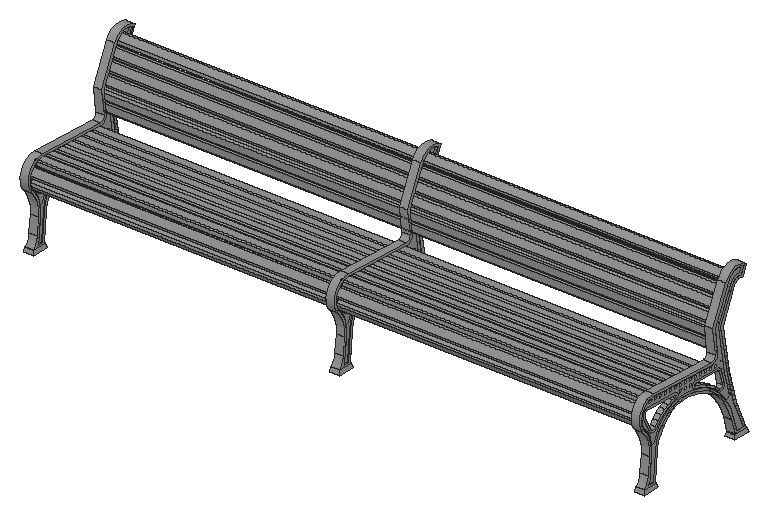
Revit family "Скамейка чугунная «Ретро стиль» без подлокотников Арт 7224", category Антураж, Revit 2018 (continued)
Definition of nested family "Скамейка чугунная «Ретро стиль» без подлокотников Арт 7224 опора боковая"
  Automatic sketch dimensions
    Extrusion 5 sketch curve to Extrusion 5 sketch curve = 29.932 mm
    Extrusion 5 sketch curve to plane 4 "1" = 449.496 mm
    Extrusion 5 sketch curve to plane 1 "По центру (Вперед/Назад)" = 492.81 mm
    Extrusion 5 sketch curve to Extrusion 5 sketch curve = 107.972 mm
    Extrusion 5 sketch curve to plane 1 "По центру (Вперед/Назад)" = 452.095 mm
    Extrusion 5 sketch curve to Extrusion 5 sketch curve = 10.159 mm
    Extrusion 5 sketch curve to plane 1 "По центру (Вперед/Назад)" = 603.83 mm
    Extrusion 5 sketch curve to Extrusion 5 sketch curve = 127.319 mm
    Extrusion 5 sketch curve to Extrusion 5 sketch curve = 15.904 mm
    Extrusion 5 sketch curve to plane 1 "По центру (Вперед/Назад)" = 616.019 mm
    Extrusion 5 sketch curve to Extrusion 5 sketch curve = 27.817 mm
    Extrusion 5 sketch curve to plane 1 "По центру (Вперед/Назад)" = 632.668 mm
    Extrusion 5 sketch curve to Extrusion 5 sketch curve = 34.902 mm
    Extrusion 5 sketch curve to plane 1 "По центру (Вперед/Назад)" = 1428.957 mm
    Extrusion 5 sketch curve to plane 1 "По центру (Вперед/Назад)" = 629.972 mm
    Extrusion 5 sketch curve to Extrusion 5 sketch curve = 7.791 mm
    Extrusion 5 sketch curve to Extrusion 5 sketch curve = 44.543 mm
    Extrusion 5 sketch curve to Extrusion 5 sketch curve = 20.28 mm
    Extrusion 5 sketch curve to Extrusion 5 sketch curve = 15.615 mm
    Extrusion 5 sketch curve to Extrusion 5 sketch curve = 1.612 mm
    Extrusion 5 sketch curve to Extrusion 5 sketch curve = 293.738 mm
    Extrusion 5 sketch curve to Extrusion 5 sketch curve = 1.155 mm
    Extrusion 5 sketch curve to Extrusion 5 sketch curve = 183.416 mm
    Extrusion 5 sketch curve to Extrusion 5 sketch curve = 185.976 mm
    Extrusion 5 sketch curve to Extrusion 5 sketch curve = 4.023 mm
    Extrusion 5 sketch curve to Extrusion 5 sketch curve = 16.338 mm
    Extrusion 5 sketch curve to Extrusion 5 sketch curve = 23.89 mm
    Extrusion 5 sketch curve to Extrusion 5 sketch curve = 38.085 mm
    Extrusion 5 sketch curve to Extrusion 5 sketch curve = 60.373 mm
    Extrusion 5 sketch curve to Extrusion 5 sketch curve = 8.901 mm
    Extrusion 5 sketch curve to Extrusion 5 sketch curve = 0 mm  (x5)
    Extrusion 5 sketch curve to Extrusion 5 sketch curve = 69.749 mm
    Extrusion 5 sketch curve to Extrusion 5 sketch curve = 3.674 mm
    Extrusion 5 sketch curve to plane 1 "По центру (Вперед/Назад)" = 466.229 mm
    Extrusion 5 sketch curve to Extrusion 5 sketch curve = 3.638 mm
    Extrusion 5 sketch curve to plane 1 "По центру (Вперед/Назад)" = 562.864 mm
    Extrusion 5 sketch curve to Extrusion 5 sketch curve = 27.633 mm
    Extrusion 5 sketch curve to plane 1 "По центру (Вперед/Назад)" = 530.485 mm
    Extrusion 6 sketch curve to Extrusion 6 sketch curve = 0 mm  (x12)
    Extrusion 6 sketch curve to level = 2.031 mm
    level to Extrusion 6 sketch curve = 8.43 mm
    Extrusion 6 sketch curve to plane 4 "1" = 121.624 mm
    Extrusion 6 sketch curve to Extrusion 6 sketch curve = 1.117 mm
    Extrusion 6 sketch curve to plane 4 "1" = 146.359 mm
    Extrusion 6 sketch curve to plane 4 "1" = 177.831 mm
    Extrusion 6 sketch curve to plane 4 "1" = 178.969 mm
    Extrusion 6 sketch curve to Extrusion 6 sketch curve = 56.31 mm
    Extrusion 6 sketch curve to Extrusion 6 sketch curve = 63.15 mm
    Extrusion 6 sketch curve to plane 1 "По центру (Вперед/Назад)" = 514.434 mm
    Extrusion 6 sketch curve to Extrusion 6 sketch curve = 5.672 mm
    Extrusion 6 sketch curve to Extrusion 6 sketch curve = 11.812 mm
    Extrusion 6 sketch curve to Extrusion 6 sketch curve = 43.009 mm
    Extrusion 6 sketch curve to Extrusion 6 sketch curve = 63.826 mm
    Extrusion 6 sketch curve to Extrusion 6 sketch curve = 15.114 mm
    Extrusion 6 sketch curve to Extrusion 6 sketch curve = 8.917 mm
    Extrusion 6 sketch curve to plane 1 "По центру (Вперед/Назад)" = 497.566 mm
    Extrusion 6 sketch curve to Extrusion 6 sketch curve = 5.576 mm
    Extrusion 6 sketch curve to Extrusion 6 sketch curve = 4.702 mm
    Extrusion 6 sketch curve to Extrusion 6 sketch curve = 10.991 mm
    Extrusion 6 sketch curve to Extrusion 6 sketch curve = 4.456 mm
    Extrusion 6 sketch curve to Extrusion 6 sketch curve = 15.542 mm
    Extrusion 6 sketch curve to Extrusion 6 sketch curve = 51.225 mm
    Extrusion 6 sketch curve to Extrusion 6 sketch curve = 66.72 mm
    Extrusion 6 sketch curve to Extrusion 6 sketch curve = 37.92 mm
    Extrusion 6 sketch curve to plane 4 "1" = 449.496 mm
    Extrusion 6 sketch curve to plane 1 "По центру (Вперед/Назад)" = 484.487 mm
    Extrusion 6 sketch curve to Extrusion 6 sketch curve = 109.105 mm
    Extrusion 6 sketch curve to plane 1 "По центру (Вперед/Назад)" = 460.321 mm
    Extrusion 6 sketch curve to Extrusion 6 sketch curve = 7.689 mm
    Extrusion 6 sketch curve to plane 1 "По центру (Вперед/Назад)" = 603.83 mm
    Extrusion 6 sketch curve to Extrusion 6 sketch curve = 126.186 mm
    Extrusion 6 sketch curve to Extrusion 6 sketch curve = 15.904 mm
    Extrusion 6 sketch curve to plane 1 "По центру (Вперед/Назад)" = 611.503 mm
    Extrusion 6 sketch curve to Extrusion 6 sketch curve = 36.93 mm
    Extrusion 6 sketch curve to plane 1 "По центру (Вперед/Назад)" = 622.099 mm
    Extrusion 6 sketch curve to Extrusion 6 sketch curve = 22.214 mm
    Extrusion 6 sketch curve to plane 1 "По центру (Вперед/Назад)" = 1428.957 mm
    Extrusion 6 sketch curve to Extrusion 6 sketch curve = 7.791 mm
    Extrusion 6 sketch curve to Extrusion 6 sketch curve = 22.367 mm
    Extrusion 6 sketch curve to Extrusion 6 sketch curve = 24.519 mm
    Extrusion 6 sketch curve to Extrusion 6 sketch curve = 18.364 mm
    Extrusion 6 sketch curve to Extrusion 6 sketch curve = 21.147 mm
    Extrusion 6 sketch curve to Extrusion 6 sketch curve = 39.94 mm
    Extrusion 6 sketch curve to Extrusion 6 sketch curve = 2.042 mm
    Extrusion 6 sketch curve to Extrusion 6 sketch curve = 90.54 mm
    Extrusion 6 sketch curve to Extrusion 6 sketch curve = 0.558 mm
    Extrusion 6 sketch curve to Extrusion 6 sketch curve = 265.39 mm
    Extrusion 6 sketch curve to Extrusion 6 sketch curve = 1.155 mm
    Extrusion 6 sketch curve to Extrusion 6 sketch curve = 8.256 mm
    Extrusion 6 sketch curve to Extrusion 6 sketch curve = 10.076 mm
    Extrusion 6 sketch curve to Extrusion 6 sketch curve = 123.161 mm
    Extrusion 6 sketch curve to Extrusion 6 sketch curve = 131.26 mm
    Extrusion 6 sketch curve to Extrusion 6 sketch curve = 2.437 mm
    Extrusion 6 sketch curve to Extrusion 6 sketch curve = 2.509 mm
    Extrusion 6 sketch curve to Extrusion 6 sketch curve = 6.102 mm
    Extrusion 6 sketch curve to Extrusion 6 sketch curve = 21.37 mm
    Extrusion 6 sketch curve to Extrusion 6 sketch curve = 25.851 mm
    Extrusion 6 sketch curve to Extrusion 6 sketch curve = 24.668 mm
    Extrusion 6 sketch curve to Extrusion 6 sketch curve = 184.012 mm
    Extrusion 6 sketch curve to Extrusion 6 sketch curve = 11.644 mm
    Extrusion 6 sketch curve to Extrusion 6 sketch curve = 8.775 mm
    Extrusion 6 sketch curve to Extrusion 6 sketch curve = 5.644 mm
    Extrusion 6 sketch curve to Extrusion 6 sketch curve = 3.76 mm
    Extrusion 6 sketch curve to Extrusion 6 sketch curve = 2.283 mm
    Extrusion 6 sketch curve to Extrusion 6 sketch curve = 11.805 mm
    Extrusion 6 sketch curve to Extrusion 6 sketch curve = 13.506 mm
    Extrusion 6 sketch curve to Extrusion 6 sketch curve = 21.856 mm
    Extrusion 6 sketch curve to Extrusion 6 sketch curve = 14.953 mm
    Extrusion 6 sketch curve to Extrusion 6 sketch curve = 28.16 mm
    Extrusion 6 sketch curve to Extrusion 6 sketch curve = 4.654 mm
    Extrusion 6 sketch curve to plane 1 "По центру (Вперед/Назад)" = 474.169 mm
    Extrusion 6 sketch curve to Extrusion 6 sketch curve = 7.082 mm
    Extrusion 6 sketch curve to plane 1 "По центру (Вперед/Назад)" = 555.644 mm
    Extrusion 6 sketch curve to Extrusion 6 sketch curve = 20.744 mm
    Extrusion 6 sketch curve to plane 1 "По центру (Вперед/Назад)" = 537.706 mm
    level to Extrusion 7 sketch curve = 8.43 mm
    Extrusion 7 sketch curve to plane 4 "1" = 8 mm  (x2)
    Extrusion 7 sketch curve to Extrusion 7 sketch curve = 42.548 mm
    Extrusion 7 sketch curve to plane 4 "1" = 59.836 mm
    Extrusion 7 sketch curve to Extrusion 7 sketch curve = 68.025 mm
    Extrusion 7 sketch curve to plane 4 "1" = 122.741 mm
    Extrusion 7 sketch curve to Extrusion 7 sketch curve = 79.948 mm
    Extrusion 7 sketch curve to Extrusion 7 sketch curve = 86.523 mm
    Extrusion 7 sketch curve to Extrusion 7 sketch curve = 215.025 mm
    Extrusion 7 sketch curve to Extrusion 7 sketch curve = 177.526 mm
    Extrusion 7 sketch curve to Extrusion 7 sketch curve = 72.939 mm
    Extrusion 7 sketch curve to Extrusion 7 sketch curve = 74.708 mm
    Extrusion 7 sketch curve to Extrusion 7 sketch curve = 29.932 mm
    Extrusion 7 sketch curve to plane 4 "1" = 449.496 mm
    Extrusion 7 sketch curve to plane 1 "По центру (Вперед/Назад)" = 492.81 mm
    Extrusion 7 sketch curve to Extrusion 7 sketch curve = 107.972 mm
    Extrusion 7 sketch curve to plane 1 "По центру (Вперед/Назад)" = 452.095 mm
    Extrusion 7 sketch curve to Extrusion 7 sketch curve = 10.159 mm
    Extrusion 7 sketch curve to plane 1 "По центру (Вперед/Назад)" = 603.83 mm
    Extrusion 7 sketch curve to Extrusion 7 sketch curve = 127.319 mm
    Extrusion 7 sketch curve to Extrusion 7 sketch curve = 15.904 mm
    Extrusion 7 sketch curve to plane 1 "По центру (Вперед/Назад)" = 616.019 mm
    Extrusion 7 sketch curve to Extrusion 7 sketch curve = 27.817 mm
    Extrusion 7 sketch curve to plane 1 "По центру (Вперед/Назад)" = 632.668 mm
    Extrusion 7 sketch curve to Extrusion 7 sketch curve = 34.902 mm
    Extrusion 7 sketch curve to Extrusion 7 sketch curve = 15.615 mm
    Extrusion 7 sketch curve to Extrusion 7 sketch curve = 1.612 mm
    Extrusion 7 sketch curve to plane 1 "По центру (Вперед/Назад)" = 271.411 mm
    Extrusion 7 sketch curve to Extrusion 7 sketch curve = 1.155 mm
    Extrusion 7 sketch curve to Extrusion 7 sketch curve = 183.416 mm
    Extrusion 7 sketch curve to Extrusion 7 sketch curve = 185.976 mm
    Extrusion 7 sketch curve to Extrusion 7 sketch curve = 4.023 mm
    Extrusion 7 sketch curve to Extrusion 7 sketch curve = 16.338 mm
    Extrusion 7 sketch curve to Extrusion 7 sketch curve = 23.89 mm
    Extrusion 7 sketch curve to Extrusion 7 sketch curve = 38.085 mm
    Extrusion 7 sketch curve to Extrusion 7 sketch curve = 60.373 mm
    Extrusion 7 sketch curve to Extrusion 7 sketch curve = 95.095 mm
    Extrusion 7 sketch curve to plane 1 "По центру (Вперед/Назад)" = 565.149 mm
    Extrusion 7 sketch curve to plane 1 "По центру (Вперед/Назад)" = 585.429 mm
    Extrusion 7 sketch curve to Extrusion 7 sketch curve = 7.791 mm
    Extrusion 7 sketch curve to plane 1 "По центру (Вперед/Назад)" = 629.972 mm
    Extrusion 7 sketch curve to Extrusion 7 sketch curve = 8.901 mm
    Extrusion 7 sketch curve to Extrusion 7 sketch curve = 0 mm  (x5)
    Extrusion 7 sketch curve to Extrusion 7 sketch curve = 69.749 mm
    Extrusion 7 sketch curve to Extrusion 7 sketch curve = 3.674 mm
    Extrusion 7 sketch curve to plane 1 "По центру (Вперед/Назад)" = 466.229 mm
    Extrusion 7 sketch curve to Extrusion 7 sketch curve = 3.638 mm
    Extrusion 7 sketch curve to plane 1 "По центру (Вперед/Назад)" = 562.864 mm
    Extrusion 7 sketch curve to Extrusion 7 sketch curve = 27.633 mm
    Extrusion 7 sketch curve to plane 1 "По центру (Вперед/Назад)" = 530.485 mm
    Extrusion 8 sketch curve to Extrusion 8 sketch curve = 0 mm  (x12)
    Extrusion 8 sketch curve to level = 2.031 mm
    level to Extrusion 8 sketch curve = 8.43 mm
    Extrusion 8 sketch curve to plane 4 "1" = 121.624 mm
    Extrusion 8 sketch curve to Extrusion 8 sketch curve = 1.117 mm
    Extrusion 8 sketch curve to plane 4 "1" = 146.359 mm
    Extrusion 8 sketch curve to plane 4 "1" = 177.831 mm
    Extrusion 8 sketch curve to plane 4 "1" = 178.969 mm
    Extrusion 8 sketch curve to Extrusion 8 sketch curve = 56.31 mm
    Extrusion 8 sketch curve to Extrusion 8 sketch curve = 63.15 mm
    Extrusion 8 sketch curve to plane 1 "По центру (Вперед/Назад)" = 514.434 mm
    Extrusion 8 sketch curve to Extrusion 8 sketch curve = 5.672 mm
    Extrusion 8 sketch curve to Extrusion 8 sketch curve = 11.812 mm
    Extrusion 8 sketch curve to Extrusion 8 sketch curve = 43.009 mm
    Extrusion 8 sketch curve to Extrusion 8 sketch curve = 63.826 mm
    Extrusion 8 sketch curve to Extrusion 8 sketch curve = 15.114 mm
    Extrusion 8 sketch curve to Extrusion 8 sketch curve = 8.917 mm
    Extrusion 8 sketch curve to plane 1 "По центру (Вперед/Назад)" = 497.566 mm
    Extrusion 8 sketch curve to Extrusion 8 sketch curve = 5.576 mm
    Extrusion 8 sketch curve to Extrusion 8 sketch curve = 4.702 mm
    Extrusion 8 sketch curve to Extrusion 8 sketch curve = 10.991 mm
    Extrusion 8 sketch curve to Extrusion 8 sketch curve = 4.456 mm
    Extrusion 8 sketch curve to Extrusion 8 sketch curve = 15.542 mm
    Extrusion 8 sketch curve to Extrusion 8 sketch curve = 51.225 mm
    Extrusion 8 sketch curve to Extrusion 8 sketch curve = 66.72 mm
    Extrusion 8 sketch curve to Extrusion 8 sketch curve = 37.92 mm
    Extrusion 8 sketch curve to plane 4 "1" = 449.496 mm
    Extrusion 8 sketch curve to plane 1 "По центру (Вперед/Назад)" = 484.487 mm
    Extrusion 8 sketch curve to Extrusion 8 sketch curve = 109.105 mm
    Extrusion 8 sketch curve to plane 1 "По центру (Вперед/Назад)" = 460.321 mm
    Extrusion 8 sketch curve to Extrusion 8 sketch curve = 7.689 mm
    Extrusion 8 sketch curve to plane 1 "По центру (Вперед/Назад)" = 603.83 mm
    Extrusion 8 sketch curve to Extrusion 8 sketch curve = 126.186 mm
    Extrusion 8 sketch curve to Extrusion 8 sketch curve = 15.904 mm
    Extrusion 8 sketch curve to plane 1 "По центру (Вперед/Назад)" = 611.503 mm
    Extrusion 8 sketch curve to Extrusion 8 sketch curve = 36.93 mm
    Extrusion 8 sketch curve to plane 1 "По центру (Вперед/Назад)" = 622.099 mm
    Extrusion 8 sketch curve to Extrusion 8 sketch curve = 22.214 mm
    Extrusion 8 sketch curve to Extrusion 8 sketch curve = 61.086 mm
    Extrusion 8 sketch curve to Extrusion 8 sketch curve = 2.042 mm
    Extrusion 8 sketch curve to Extrusion 8 sketch curve = 90.54 mm
    Extrusion 8 sketch curve to Extrusion 8 sketch curve = 0.558 mm
    Extrusion 8 sketch curve to Extrusion 8 sketch curve = 71.928 mm
    Extrusion 8 sketch curve to Extrusion 8 sketch curve = 1.155 mm
    Extrusion 8 sketch curve to Extrusion 8 sketch curve = 8.256 mm
    Extrusion 8 sketch curve to Extrusion 8 sketch curve = 10.076 mm
    Extrusion 8 sketch curve to Extrusion 8 sketch curve = 123.161 mm
    Extrusion 8 sketch curve to Extrusion 8 sketch curve = 131.26 mm
    Extrusion 8 sketch curve to Extrusion 8 sketch curve = 2.437 mm
    Extrusion 8 sketch curve to Extrusion 8 sketch curve = 2.509 mm
    Extrusion 8 sketch curve to Extrusion 8 sketch curve = 6.102 mm
    Extrusion 8 sketch curve to Extrusion 8 sketch curve = 21.37 mm
    Extrusion 8 sketch curve to Extrusion 8 sketch curve = 25.851 mm
    Extrusion 8 sketch curve to Extrusion 8 sketch curve = 24.668 mm
    Extrusion 8 sketch curve to Extrusion 8 sketch curve = 184.012 mm
    Extrusion 8 sketch curve to Extrusion 8 sketch curve = 21.147 mm
    Extrusion 8 sketch curve to Extrusion 8 sketch curve = 18.364 mm
    Extrusion 8 sketch curve to Extrusion 8 sketch curve = 24.519 mm
    Extrusion 8 sketch curve to Extrusion 8 sketch curve = 22.367 mm
    Extrusion 8 sketch curve to Extrusion 8 sketch curve = 7.791 mm
    Extrusion 8 sketch curve to plane 1 "По центру (Вперед/Назад)" = 1428.957 mm
    Extrusion 8 sketch curve to Extrusion 8 sketch curve = 11.644 mm
    Extrusion 8 sketch curve to Extrusion 8 sketch curve = 8.775 mm
    Extrusion 8 sketch curve to Extrusion 8 sketch curve = 5.644 mm
    Extrusion 8 sketch curve to Extrusion 8 sketch curve = 3.76 mm
    Extrusion 8 sketch curve to Extrusion 8 sketch curve = 2.283 mm
    Extrusion 8 sketch curve to Extrusion 8 sketch curve = 11.805 mm
    Extrusion 8 sketch curve to Extrusion 8 sketch curve = 13.506 mm
    Extrusion 8 sketch curve to Extrusion 8 sketch curve = 21.856 mm
    Extrusion 8 sketch curve to Extrusion 8 sketch curve = 14.953 mm
    Extrusion 8 sketch curve to Extrusion 8 sketch curve = 28.16 mm
    Extrusion 8 sketch curve to Extrusion 8 sketch curve = 4.654 mm
    Extrusion 8 sketch curve to plane 1 "По центру (Вперед/Назад)" = 474.169 mm
    Extrusion 8 sketch curve to Extrusion 8 sketch curve = 7.082 mm
    Extrusion 8 sketch curve to plane 1 "По центру (Вперед/Назад)" = 555.644 mm
    Extrusion 8 sketch curve to Extrusion 8 sketch curve = 20.744 mm
    Extrusion 8 sketch curve to plane 1 "По центру (Вперед/Назад)" = 537.706 mm
    Revolve 23 sketch curve to plane 1 "По центру (Вперед/Назад)" = 316.116 mm
    Revolve 23 sketch curve to plane 4 "1" = 313.144 mm
    Revolve 23 sketch curve to Revolve 23 sketch curve = 10 mm
    Revolve 23 sketch curve to Revolve 23 sketch curve = 0 mm
    Revolve 23 sketch curve to Revolve 23 sketch curve = 37.007 mm
    Revolve 23 sketch curve to Revolve 23 sketch curve = 40 mm
    Revolve 24 sketch curve to plane 1 "По центру (Вперед/Назад)" = 285.639 mm
    Revolve 24 sketch curve to plane 4 "1" = 314.667 mm
    Revolve 24 sketch curve to Revolve 24 sketch curve = 10 mm
    Revolve 24 sketch curve to Revolve 24 sketch curve = 0 mm
    Revolve 24 sketch curve to Revolve 24 sketch curve = 37.007 mm
    Revolve 24 sketch curve to Revolve 24 sketch curve = 40 mm
    Revolve 25 sketch curve to plane 1 "По центру (Вперед/Назад)" = 255.163 mm
    Revolve 25 sketch curve to plane 4 "1" = 316.191 mm
    Revolve 25 sketch curve to Revolve 25 sketch curve = 10 mm
    Revolve 25 sketch curve to Revolve 25 sketch curve = 0 mm
    Revolve 25 sketch curve to Revolve 25 sketch curve = 37.007 mm
    Revolve 25 sketch curve to Revolve 25 sketch curve = 40 mm
    Revolve 26 sketch curve to plane 1 "По центру (Вперед/Назад)" = 546.46 mm
    Revolve 26 sketch curve to Revolve 26 sketch curve = 2.153 mm  (x2)
    Revolve 26 sketch curve to plane 4 "1" = 653.092 mm
    Revolve 26 sketch curve to Revolve 26 sketch curve = 4.513 mm
    Revolve 26 sketch curve to Revolve 26 sketch curve = 0 mm  (x2)
    Revolve 26 sketch curve to Revolve 26 sketch curve = 10.764 mm
    Revolve 26 sketch curve to Revolve 26 sketch curve = 22.564 mm
    Revolve 51 sketch curve to plane 1 "По центру (Вперед/Назад)" = 553.091 mm
    Revolve 51 sketch curve to Revolve 51 sketch curve = 2.153 mm  (x2)
    Revolve 51 sketch curve to plane 4 "1" = 664.577 mm
    Revolve 51 sketch curve to Revolve 51 sketch curve = 4.513 mm
    Revolve 51 sketch curve to Revolve 51 sketch curve = 0 mm  (x2)
    Revolve 51 sketch curve to Revolve 51 sketch curve = 10.764 mm
    Revolve 51 sketch curve to Revolve 51 sketch curve = 22.564 mm
    Revolve 52 sketch curve to plane 1 "По центру (Вперед/Назад)" = 564.971 mm
    Revolve 52 sketch curve to Revolve 52 sketch curve = 2.153 mm  (x2)
    Revolve 52 sketch curve to plane 4 "1" = 676.458 mm
    Revolve 52 sketch curve to Revolve 52 sketch curve = 4.513 mm
    Revolve 52 sketch curve to Revolve 52 sketch curve = 0 mm  (x2)
    Revolve 52 sketch curve to Revolve 52 sketch curve = 10.764 mm
    Revolve 52 sketch curve to Revolve 52 sketch curve = 22.564 mm
    Revolve 53 sketch curve to plane 1 "По центру (Вперед/Назад)" = 577.961 mm
    Revolve 53 sketch curve to Revolve 53 sketch curve = 2.153 mm  (x2)
    Revolve 53 sketch curve to plane 4 "1" = 683.958 mm
    Revolve 53 sketch curve to Revolve 53 sketch curve = 4.513 mm
    Revolve 53 sketch curve to Revolve 53 sketch curve = 0 mm  (x2)
    Revolve 53 sketch curve to Revolve 53 sketch curve = 10.764 mm
    Revolve 53 sketch curve to Revolve 53 sketch curve = 22.564 mm
    Revolve 54 sketch curve to plane 1 "По центру (Вперед/Назад)" = 591.556 mm
    Revolve 54 sketch curve to Revolve 54 sketch curve = 2.153 mm  (x2)
    Revolve 54 sketch curve to plane 4 "1" = 690.297 mm
    Revolve 54 sketch curve to Revolve 54 sketch curve = 4.513 mm
    Revolve 54 sketch curve to Revolve 54 sketch curve = 0 mm  (x2)
    Revolve 54 sketch curve to Revolve 54 sketch curve = 10.764 mm
    Revolve 54 sketch curve to Revolve 54 sketch curve = 22.564 mm
    Revolve 55 sketch curve to plane 1 "По центру (Вперед/Назад)" = 606.499 mm
    Revolve 55 sketch curve to Revolve 55 sketch curve = 2.153 mm  (x2)
    Revolve 55 sketch curve to plane 4 "1" = 691.604 mm
    Revolve 55 sketch curve to Revolve 55 sketch curve = 4.513 mm
    Revolve 55 sketch curve to Revolve 55 sketch curve = 0 mm  (x2)
    Revolve 55 sketch curve to Revolve 55 sketch curve = 10.764 mm
    Revolve 55 sketch curve to Revolve 55 sketch curve = 22.564 mm
Types (7, lengths in mm): name | Средняя опора | Описание | Длина | Версия 3,0 м (3 опоры) | Версия 2,0 м (3 опоры) | Версия 2,0 м | Версия 1,8 м | Версия 1,5 м | Версия 0,6 м (кресло)
  (no name) | yes | "Скамейка чугунная «Ретро стиль» без подлокотников. Версия 3,0 м (3 опоры)" | 3000 | yes | no | no | no | no | no
  Версия 0,6 м (кресло) | no | "Скамейка чугунная «Ретро стиль» без подлокотников. Версия 0,6 м Кресло" | 600 | no | no | no | no | no | yes
  Версия 1,5 м | no | "Скамейка чугунная «Ретро стиль» без подлокотников. Версия 1,5 м" | 1500 | no | no | no | no | yes | no
  Версия 1,8 м | no | "Скамейка чугунная «Ретро стиль» без подлокотников. Версия 1,8 м" | 1800 | no | no | no | yes | no | no
  Версия 2,0 м | no | "Скамейка чугунная «Ретро стиль» без подлокотников. Версия 2,0 м" | 2000 | no | no | yes | no | no | no
  Версия 2,0 м (3 опоры) | yes | "Скамейка чугунная «Ретро стиль» без подлокотников. Версия 2,0 м (3 опоры)" | 2000 | no | yes | no | no | no | no
  Версия 3,0 м (3 опоры) | yes | "Скамейка чугунная «Ретро стиль» без подлокотников. Версия 3,0 м (3 опоры)" | 3000 | yes | no | no | no | no | no
